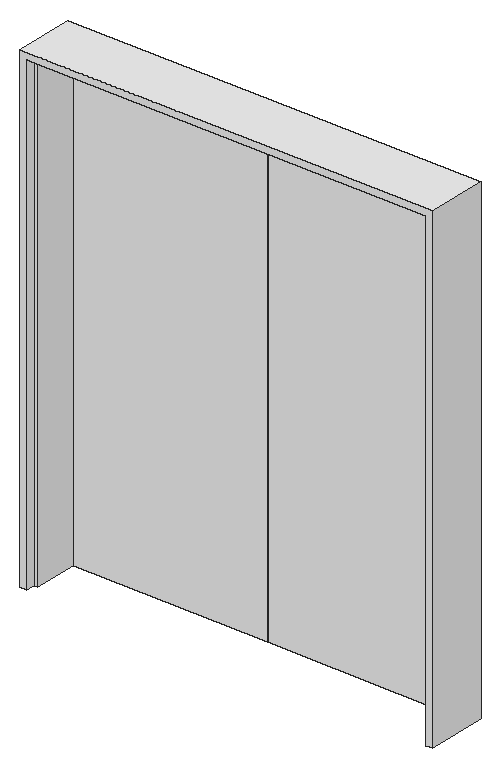
Revit family
Parameters
  프레임 투영 외부. = 25 mm
  프레임 투영 내부. = 25 mm
  프레임 폭 = 75 mm
  Height = 2100 mm
  Wall Closure = (empty or 0)
  Width = 1800 mm
  문 패널 = SD4 문 패널
  문 프레임 = SD4 문 프레임
Reference planes
  plane 1: y = 0
  plane 2 "중심(왼쪽/오른쪽)": x = 0
  plane 3 "왼쪽": x = -900
  plane 4 "오른쪽": x = 900
  plane 5: z = 2100
  plane 6 "외부": y = 100
  plane 7 "내부": y = -100
  plane 8: x = -870
  plane 9: x = 870
  plane 10: x = -850
  plane 11: x = 850
  plane 12: y = 130
  plane 13: y = -130
  plane 14: y = 95
  plane 15: y = -95
  plane 16: z = 900
  plane 17: x = 80
  plane 18: x = -80
  plane 19: x = 50
  plane 20: x = 110
  plane 21: x = -50
  plane 22: x = -110
  plane 23: z = 930
  plane 24: z = 870
  plane 25: z = 2070
  plane 26: z = 2050
  plane 27: z = 30
  plane 28: z = 50
  plane 29: z = 2025
  plane 30: z = 1950
  plane 31: x = -800
  plane 32: x = -600
  plane 33: z = 1050
Forms (mm)
  Sweep 1, solid, material "SD4 문 프레임" <- "문 프레임"
    path origin (2625, 130, 1200) x (1, 0, 0) y (0, 0, 1)
      loop
        line (-1725, -1200) -> (-1725, 900) -> (-3525, 900) -> (-3525, -1200)
    profile origin (900, 130, 0) x (-1, 0, 0) y (0, -1, 0)
      loop
        line (0, 0) -> (30, 0) -> (30, 35) -> (50, 35) -> (50, 225) -> (30, 225) -> (30, 260) -> (0, 260) -> (0, 0)
  Extrusion 2, solid, material "SD4 문 패널" <- "문 패널"
    sketch origin (0, 0, 0) x (1, 0, 0) y (0, 1, 0)
      loop
        line (-870, 130) -> (-870, 95) -> (0, 95) -> (0, 130) -> (-870, 130)
    from 0 to 2070
  Extrusion 3, solid, material "SD4 문 패널" <- "문 패널"
    sketch origin (0, 0, 0) x (1, 0, 0) y (0, 1, 0)
      loop
        line (870, 95) -> (870, 130) -> (0, 130) -> (0, 95) -> (870, 95)
    from 0 to 2070
Lines and regions (mm)
  Opening 1
    outline origin (-3050, -100, 0) x (1, 0, 0) y (0, 0, 1)
      loop
        line (2150, 0) -> (3950, 0) -> (3950, 2100) -> (2150, 2100) -> (2150, 0)
  symbolic lines, style "평면 스윙"
    curve 1: line (-870, 130, 0) -> (-870, 1000, 0)
    curve 2: line (-870, 1000, 0) -> (-835, 1000, 0)
    curve 3: line (-835, 1000, 0) -> (-835, 130, 0)
    curve 4: line (-835, 130, 0) -> (-870, 130, 0)
    curve 5: line (870, 130, 0) -> (870, 1000, 0)
    curve 6: line (870, 1000, 0) -> (835, 1000, 0)
    curve 7: line (835, 1000, 0) -> (835, 130, 0)
    curve 8: line (835, 130, 0) -> (870, 130, 0)
    curve 9: arc (-835, 1000, 0) -> (-233.429, 741.666, 0) -> (0, 130, 0) r 840
    curve 10: arc (0, 130, 0) -> (233.429, 741.666, 0) -> (835, 1000, 0) r 840
  symbolic lines, style "입면도 스윙"
    curve 11: line (0, 130, 2070) -> (870, 130, 1050)
    curve 12: line (870, 130, 1050) -> (0, 130, 0)
    curve 13: line (0, 130, 2070) -> (-870, 130, 1050)
    curve 14: line (-870, 130, 1050) -> (0, 130, 0)
  symbolic lines
    curve 15: circle (80, 130, 900) r 30 normal (0, -1, 0)
    curve 16: circle (-80, 130, 900) r 30 normal (0, -1, 0)
    curve 17: line (20, 130, 900) -> (140, 130, 900)
    curve 18: line (80, 130, 840) -> (80, 130, 960)
    curve 19: line (-20, 130, 900) -> (-140, 130, 900)
    curve 20: line (-80, 130, 840) -> (-80, 130, 960)
    curve 21: line (-600, 130, 2025) -> (-800, 130, 2025)
    curve 22: line (-600, 130, 1950) -> (-600, 130, 2025)
    curve 23: line (-800, 130, 1950) -> (-600, 130, 1950)
    curve 24: line (-800, 130, 2025) -> (-800, 130, 1950)
    curve 25: line (-850, 130, 1987.5) -> (-550, 130, 1987.5)
Text (mm)
  text "외부" at (-2295.016, 1099.543, 0), in view "참조 레벨"
  text "외부" at (0, 1615.38, 3698.081), in view "왼쪽"
  text "외부" at (0, 1036.032, 3874.932), in view "오른쪽"
Dimensions and locks
  equal spacing: plane 3 "왼쪽", plane 2 "중심(왼쪽/오른쪽)", plane 4 "오른쪽"
  "Width": plane 3 "왼쪽" to plane 4 "오른쪽"
  "Height": plane 5 to host wall
  host wall to plane 5 = 2100 mm  (x2)
  locked: plane 6 "외부" to host wall at 0
  locked: plane 7 "내부" to host wall
  plane 3 "왼쪽" to plane 8 to plane 10 = 30 mm locked, 20 mm locked
  plane 11 to plane 9 to plane 4 "오른쪽" = 20 mm locked, 30 mm locked
  plane 14 to plane 6 "외부" to plane 12 = 5 mm locked, 30 mm locked
  plane 15 to plane 7 "내부" to plane 13 = 5 mm locked, 30 mm locked
  plane 19 to plane 2 "중심(왼쪽/오른쪽)" to plane 21 = 50 mm locked, 50 mm locked
  plane 21 to plane 18 to plane 22 = 30 mm locked, 30 mm locked
  plane 20 to plane 17 to plane 19 = 30 mm locked, 30 mm locked
  plane 24 to plane 16 to plane 23 = 30 mm locked, 30 mm locked
  level to plane 27 to plane 28 = 30 mm locked, 20 mm locked
  locked: level to plane 16 at 900
  plane 26 to plane 25 to plane 5 = 20 mm locked, 30 mm locked
  plane 3 "왼쪽" to plane 31 to plane 32 = 100 mm locked, 200 mm locked
  plane 30 to plane 29 to plane 5 = 75 mm locked, 75 mm locked
  equal spacing: level, plane 33, plane 5
  aligned and locked: plane 3 "왼쪽" to Opening 1 sketch curve
  aligned and locked: plane 5 to Opening 1 sketch curve  (x2)
  aligned and locked: Opening 1 sketch curve to plane 4 "오른쪽"
  aligned and locked: Opening 1 sketch curve to level
  aligned and locked: plane 1 to host wall
  aligned and locked: host wall to Sweep 1 sketch curve
  aligned and locked: Sweep 1 sketch curve to host wall  (x3)
  aligned and locked: Sweep 1 sketch curve to plane 12
  aligned and locked: Sweep 1 sketch curve to plane 14
  aligned and locked: plane 9 to Sweep 1 sketch curve  (x2)
  aligned and locked: Sweep 1 sketch curve to plane 4 "오른쪽"
  aligned and locked: plane 11 to Sweep 1 sketch curve
  aligned and locked: Sweep 1 sketch curve to plane 13
  aligned and locked: Sweep 1 to Extrusion 2 sketch curve
  aligned and locked: plane 12 to Extrusion 2 sketch curve
  aligned and locked: plane 14 to Extrusion 2 sketch curve
  aligned and locked: Extrusion 2 sketch curve to plane 2 "중심(왼쪽/오른쪽)"
  aligned and locked: Sweep 1 to Extrusion 3 sketch curve
  aligned and locked: Extrusion 3 sketch curve to Sweep 1
  aligned and locked: plane 12 to Extrusion 3 sketch curve
  aligned and locked: plane 2 "중심(왼쪽/오른쪽)" to Extrusion 3 sketch curve
  aligned and locked: Extrusion 3 to plane 25
  aligned and locked: Extrusion 2 to plane 25
  aligned and locked: curve 9 to Extrusion 2
  aligned and locked: Extrusion 2 to curve 12
  aligned and locked: plane 17 to curve 18
  aligned and locked: plane 16 to curve 19
  aligned and locked: plane 18 to curve 20
  aligned and locked: plane 32 to curve 21
  aligned and locked: curve 21 to plane 29
  aligned and locked: plane 30 to curve 24
  aligned and locked: plane 31 to curve 24
  aligned and locked: plane 10 to curve 25
Automatic sketch dimensions
  Sweep 1 sketch curve to level = 0 mm
  Sweep 1 sketch curve to Sweep 1 sketch curve = 35 mm
  curve 1 to plane 8 = 0 mm
  curve 3 to plane 12 = 0 mm
  curve 10 to plane 2 "중심(왼쪽/오른쪽)" = 0 mm
  curve 7 to plane 12 = 0 mm
  curve 5 to plane 9 = 0 mm
  curve 9 to plane 10 = 10.536 mm
  curve 3 to plane 10 = 15 mm
  plane 11 to curve 7 = 15 mm
  plane 11 to curve 10 = 10.536 mm
  curve 9 to plane 12 = 30.012 mm
  curve 10 to plane 12 = 30.012 mm
  curve 13 to plane 8 = 0 mm
  curve 16 to plane 16 = 0 mm
  curve 16 to plane 18 = 0 mm
  curve 13 to plane 2 "중심(왼쪽/오른쪽)" = 0 mm
  curve 17 to plane 16 = 0 mm
  curve 15 to plane 16 = 0 mm
  curve 15 to plane 17 = 0 mm
  curve 11 to plane 9 = 0 mm
  curve 12 to level = 0 mm
  curve 13 to plane 33 = 0 mm
  curve 11 to plane 33 = 0 mm
  curve 11 to plane 25 = 0 mm
  curve 25 to plane 32 = 50 mm
  curve 19 to plane 22 = 30 mm
  curve 19 to plane 2 "중심(왼쪽/오른쪽)" = 20 mm
  plane 2 "중심(왼쪽/오른쪽)" to curve 17 = 20 mm
  plane 20 to curve 17 = 30 mm
  curve 18 to plane 24 = 30 mm
  curve 20 to plane 24 = 30 mm
  plane 23 to curve 20 = 30 mm
  plane 23 to curve 18 = 30 mm
  plane 29 to curve 25 = 37.5 mm
  radius of curve 15 = 30 mm
  radius of curve 16 = 30 mm
